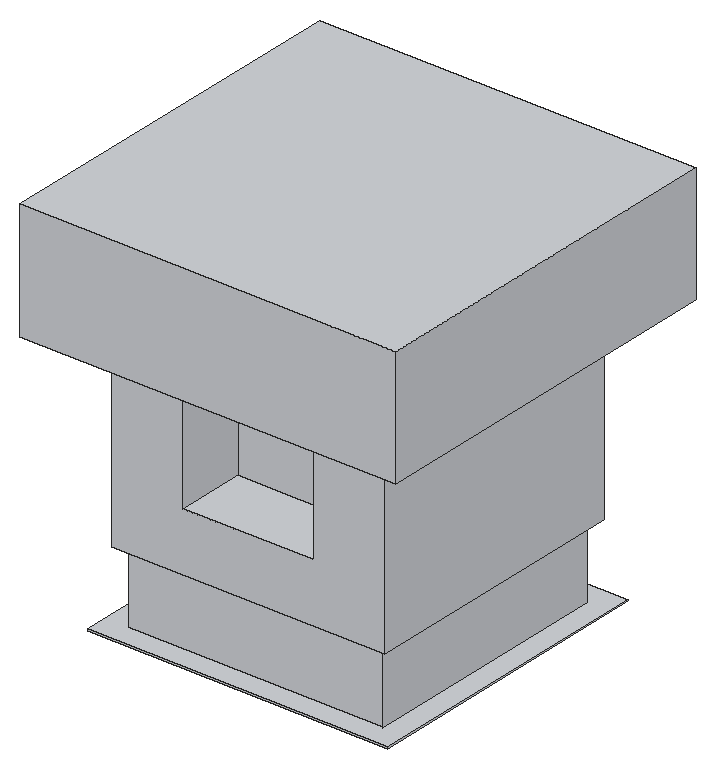
Revit family "ASP-B_SIDE", category Mechanical Equipment, Revit 2019
Family settings
  Round Connector Dimension = Use Diameter
  Part Type = Normal
  Work Plane-Based = No
  Always vertical = Yes
  Cut with Voids When Loaded = No
  Shared = No
  Room Calculation Point = No
Parameters (values of type "90_ASP-B_SIDE")
  W/2 = W / 2  # 0' - 5 25/32"
  W = 0' - 11 9/16"
  Unit Weight [instance] = ""
  T_SQ/2 = T_SQ / 2  # 1' - 0 1/16"
  T_SQ = 2' - 0 1/8"
  Sones [instance] = ""
  R_O/2 = R_O / 2  # 0' - 9 3/4"
  R_O = 1' - 7 1/2"
  Motor RPM [instance] = ""
  Motor Enclosure [instance] = ""
  ModelID [instance] = ""
  LwA [instance] = ""
  H/2 = H / 2  # 0' - 5 1/16"
  H = 0' - 10 1/8"
  Fan RPM [instance] = ""
  F = 0' - 3"
  E = 0' - 7"
  D = 0' - 5 1/4"
  CURB_HEIGHT [instance] = 0' - 9 1/2"
  CURB [instance] = yes
  C/2 = C / 2  # 0' - 5 1/4"
  C = 0' - 10 1/2"
  Brake Hp [instance] = ""
  B/2 = B / 2  # 1' - 1 3/4"
  B-C = B - C  # 1' - 5"
  B = 2' - 3 1/2"
  Accessories [instance] = ""
  A/2 = A / 2  # 1' - 4 9/16"
  A = 2' - 9 1/8"
  4" = 0' - 4"  # constant formula
  2' = 2' - 0"
  2" = 0' - 2"  # constant formula
  1" = 0' - 1"  # constant formula
  0 = 0' - 0"  # constant formula
  Voltage [instance] = 0 V
  URL = "www.lorencook.com"
  Type Comments = "Air Supply Package Forward Curve Belt Drive Side Discharge Roof Mounted"  # constant formula
  Static Pressure [instance] = 0.00 in-wg
  Power [instance] = Voltage * Motor FLA * sqrt(if(Phase = 3, 3, 1))  # 0 VA
  Phase [instance] = 0
  Number of Poles [instance] = 1
  Motor Hp [instance] = "0"
  Motor FLA [instance] = 0 A
  Model = "ASP-B SIDE"  # constant formula
  Manufacturer = "Loren Cook Company"
  CFM [instance] = 0 CFM
  1.5 = 0' - 1 1/2"  # constant formula
  ONE EIGTH = 0' - 0 1/8"  # constant formula
  -(C/2) = -(C / 2)  # -0' - 5 1/4"
  -(A/2) = -(A / 2)  # -1' - 4 9/16"
Types (7): name | W/2 | W | T_SQ/2 | T_SQ | R_O/2 | R_O | H/2 | H | E | D | C/2 | C | B/2 | B-C | B | A/2 | A | -(C/2) | -(A/2)
  (no name) | 0' - 5 25/32" | 0' - 11 9/16" | 1' - 0 1/16" | 2' - 0 1/8" | 0' - 9 3/4" | 1' - 7 1/2" | 0' - 5 1/16" | 0' - 10 1/8" | 0' - 7" | 0' - 5 1/4" | 0' - 5 1/4" | 0' - 10 1/2" | 1' - 1 3/4" | 1' - 5" | 2' - 3 1/2" | 1' - 4 9/16" | 2' - 9 1/8" | -0' - 5 1/4" | -1' - 4 9/16"
  90_ASP-B_SIDE | 0' - 5 25/32" | 0' - 11 9/16" | 1' - 0 1/16" | 2' - 0 1/8" | 0' - 9 3/4" | 1' - 7 1/2" | 0' - 5 1/16" | 0' - 10 1/8" | 0' - 7" | 0' - 5 1/4" | 0' - 5 1/4" | 0' - 10 1/2" | 1' - 1 3/4" | 1' - 5" | 2' - 3 1/2" | 1' - 4 9/16" | 2' - 9 1/8" | -0' - 5 1/4" | -1' - 4 9/16"
  100_ASP-B_SIDE | 0' - 6 7/16" | 1' - 0 7/8" | 1' - 2 1/16" | 2' - 4 1/8" | 0' - 11 3/4" | 1' - 11 1/2" | 0' - 5 5/8" | 0' - 11 1/4" | 0' - 8 7/16" | 0' - 5 1/4" | 0' - 6 1/8" | 1' - 0 1/4" | 1' - 3 1/2" | 1' - 6 3/4" | 2' - 7" | 1' - 7 1/4" | 3' - 2 1/2" | -0' - 6 1/8" | -1' - 7 1/4"
  120_ASP-B_SIDE | 0' - 7 11/16" | 1' - 3 3/8" | 1' - 4 1/16" | 2' - 8 1/8" | 1' - 1 3/4" | 2' - 3 1/2" | 0' - 6 21/32" | 1' - 1 5/16" | 0' - 8 3/4" | 0' - 5 1/4" | 0' - 8 1/4" | 1' - 4 1/2" | 1' - 6 5/8" | 1' - 8 3/4" | 3' - 1 1/4" | 1' - 9 1/4" | 3' - 6 1/2" | -0' - 8 1/4" | -1' - 9 1/4"
  150_ASP-B_SIDE | 0' - 9 3/16" | 1' - 6 3/8" | 1' - 4 1/16" | 2' - 8 1/8" | 1' - 1 3/4" | 2' - 3 1/2" | 0' - 7 7/8" | 1' - 3 3/4" | 0' - 6 5/16" | 0' - 5 1/4" | 0' - 8 1/4" | 1' - 4 1/2" | 1' - 7 7/8" | 1' - 11 1/4" | 3' - 3 3/4" | 1' - 10 7/8" | 3' - 9 3/4" | -0' - 8 1/4" | -1' - 10 7/8"
  180_ASP-B_SIDE | 0' - 10 13/16" | 1' - 9 5/8" | 1' - 6 1/16" | 3' - 0 1/8" | 1' - 3 3/4" | 2' - 7 1/2" | 0' - 9 3/8" | 1' - 6 3/4" | 0' - 5 5/16" | 0' - 5 1/4" | 0' - 11 3/8" | 1' - 10 3/4" | 2' - 0 1/2" | 2' - 2 1/4" | 4' - 1" | 2' - 3 7/8" | 4' - 7 3/4" | -0' - 11 3/8" | -2' - 3 7/8"
  200_ASP-B_SIDE | 1' - 0 3/8" | 2' - 0 3/4" | 2' - 0 1/16" | 4' - 0 1/8" | 1' - 9 3/4" | 3' - 7 1/2" | 1' - 0 7/16" | 2' - 0 7/8" | 0' - 10 5/8" | 0' - 5 3/4" | 1' - 2 1/2" | 2' - 5" | 2' - 6" | 2' - 7" | 5' - 0" | 2' - 10" | 5' - 8" | -1' - 2 1/2" | -2' - 10"
Reference planes (in)
  plane 1 "Center (Front/Back)": y = 0
  plane 2: z = 0
  plane 3 "Center (Left/Right)": x = 0.40541
Forms (in)
  Extrusion 1, solid
    sketch origin (0, 0, 0) x (1, 0, 0) y (0, 1, 0)
      loop
        line (-11.65709, 12.0625) -> (-11.65709, -12.0625) -> (12.46791, -12.0625) -> (12.46791, 12.0625) -> (-11.65709, 12.0625)
    from 0 to 17 <- "B-C"
  Extrusion 2, void
    sketch origin (0, 0, 0) x (1, 0, 0) y (0, 1, 0)
      loop
        line (-11.53209, 11.9375) -> (-11.53209, -11.9375) -> (12.34291, -11.9375) -> (12.34291, 11.9375) -> (-11.53209, 11.9375)
    from 0 to 3
  Extrusion 3, solid
    sketch origin (0, 0, 17) x (1, 0, 0) y (0, 1, 0)
      loop
        line (-16.15709, 16.5625) -> (-16.15709, -16.5625) -> (16.96791, -16.5625) -> (16.96791, 16.5625) -> (-16.15709, 16.5625)
    from 0 to 10.5 <- "C"
  Extrusion 4, void
    sketch origin (12.46791, -12.0625, 0) x (1, 0, 0) y (0, 0, -1)
      loop
        line (-17.84375, -15.375) -> (-6.28125, -15.375) -> (-6.28125, -5.25) -> (-17.84375, -5.25) -> (-17.84375, -15.375)
    from 0 to 6
  Extrusion 5, solid, visible <- "CURB"
    sketch origin (0, 0, 3) x (0, 1, 0) y (1, 0, 0)
      loop
        line (-9.75, -9.34459) -> (9.75, -9.34459) -> (9.75, 10.15541) -> (-9.75, 10.15541) -> (-9.75, -9.34459)
      loop
        line (11.25, 11.65541) -> (-11.25, 11.65541) -> (-11.25, -10.84459) -> (11.25, -10.84459) -> (11.25, 11.65541)
    from 0 to 9.5 <- "CURB_HEIGHT"
  Extrusion 6, solid, visible <- "CURB"
    sketch origin (0, 0, -6.5) x (-1, 0, 0) y (0, 1, 0)
      loop
        line (10.84459, -11.25) -> (10.84459, 11.25) -> (-11.65541, 11.25) -> (-11.65541, -11.25) -> (10.84459, -11.25)
      loop
        line (-13.65541, 13.25) -> (-13.65541, -13.25) -> (12.84459, -13.25) -> (12.84459, 13.25) -> (-13.65541, 13.25)
    from 0 to -0.125
Cuts and joins
  Extrusion 2, Extrusion 4 cuts Extrusion 1
  Extrusion 4 cuts Extrusion 3
Dimensions and locks (in)
  "T_SQ/2": Extrusion 1 sketch curve to plane 3 "Center (Left/Right)"
  "T_SQ": Extrusion 1 sketch curve to Extrusion 1 sketch curve  (x2)
  "T_SQ/2": plane 1 "Center (Front/Back)" to Extrusion 1 sketch curve
  "ONE EIGTH": Extrusion 1 to Extrusion 2 sketch curve  (x2)
  "ONE EIGTH": Extrusion 2 sketch curve to Extrusion 1  (x2)
  "A": Extrusion 3 sketch curve to Extrusion 3 sketch curve  (x2)
  "A/2": plane 3 "Center (Left/Right)" to Extrusion 3 sketch curve
  "A/2": plane 1 "Center (Front/Back)" to Extrusion 3 sketch curve
  "W/2": plane 3 "Center (Left/Right)" to Extrusion 4 sketch curve
  "W": Extrusion 4 sketch curve to Extrusion 4 sketch curve
  "H": Extrusion 4 sketch curve to Extrusion 4 sketch curve
  "D": Extrusion 4 sketch curve to level
  "1.5": Extrusion 5 sketch curve to Extrusion 5 sketch curve  (x4)
  "R_O/2": Extrusion 5 sketch curve to plane 3 "Center (Left/Right)"
  "R_O/2": plane 3 "Center (Left/Right)" to Extrusion 5 sketch curve
  "R_O/2": Extrusion 5 sketch curve to plane 1 "Center (Front/Back)"  (x2)
  "2"": Extrusion 6 sketch curve to Extrusion 6 sketch curve  (x4)
  "0": Extrusion 6 sketch curve to Extrusion 5  (x3)
  "0": Extrusion 5 to Extrusion 6 sketch curve
Connectors (in)
  electrical at (0.40541, 0, 3)
    settings: on cut or joined group of Extrusion 1, Extrusion 2, Extrusion 4, index 1, voltage 0 V, apparent load 0 VA, apparent load phase1 0 VA, apparent load phase2 0 VA, apparent load phase3 0 VA, power factor 1, load classification "Other", number of poles 1, system type 30, power factor state 1, is connector primary yes, connector utility no, sub classification motor no, connector description ""
  hvac at (0.40541, -12.0625, 10.3125), driven by "H", driven by "W", driven by "CFM"
    settings: on cut or joined group of Extrusion 1, Extrusion 2, Extrusion 4, index 2, duct flow 0 CFM, flow factor 0, pres drop 0.00 in-wg, loss coef 0, conn angle 0.00°, conn width 11 9/16", conn height 10 1/8", conn diameter 24", duct sys type 1, conn prof type 1, flow config 0, flow direction 2, loss method 0, conn ref index -1, conn util no, is conn primary yes, conn desc ""
